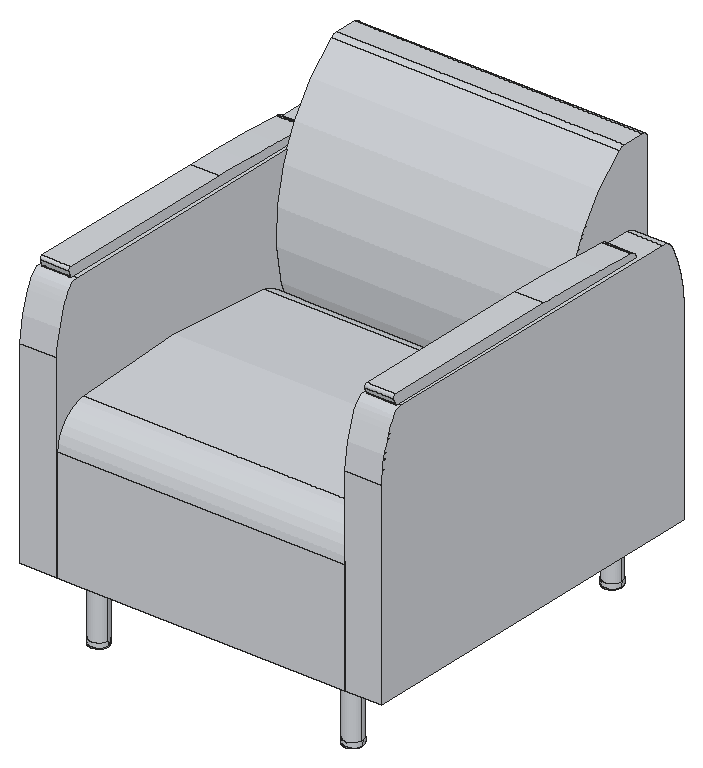
Revit family "Seat-LaZBoy-Assymble_Lounge_Seating-AS12A", category Furniture, Revit 2017
Family settings
  OmniClass Number = 23.40.20.00
  OmniClass Title = General Furniture and Specialties
  Work Plane-Based = No
  Always vertical = Yes
  Cut with Voids When Loaded = No
  Shared = No
  Room Calculation Point = No
Parameters (values of type "Solid Surface Arms Caps")
  Width = 29.50"  # constant formula
  URL = "https://www.la-z-boy.com/"
  Seat Material [instance] = none
  Product Documentation Link = "URL"
  Model = "AS12AJ"
  Manufacturer = "LaZBoy"
  Height = 32.75"  # constant formula
  Description = "Single Seat Lounge Chair with Solid Surface Arms Caps"
  Depth = 30.75"
  Copyright © = "Inc"
  Back Material [instance] = none
  Assembly Code = "E2020200"
  Armcap Material [instance] = none
  Arm Material [instance] = none
Types (4): name | Model | Description
  Upholstered Arms | "AS12AF" | "Single Seat Lounge Chair with Upholstered Arms"
  Urethane Arms Caps | "AS12AU" | "Single Seat Lounge Chair with Urethane Arms Caps"
  Wood Arms Caps | "AS12AW" | "Single Seat Lounge Chair with Wood Arms Caps"
  Solid Surface Arms Caps | "AS12AJ" | "Single Seat Lounge Chair with Solid Surface Arms Caps"
Reference planes (in)
  plane 1 "Center (Front/Back)": y = 0
  plane 2: z = 0
  plane 3 "Center (Left/Right)": x = 0
  plane 4: y = -15.375
  plane 5: z = 32.75
  plane 6: y = 15.375
  plane 7: x = -14.75
  plane 8: x = 14.75
  plane 9: z = 5.39888
  plane 10: x = -11.75
  plane 11: x = 11.75
  plane 12: x = -10.36938
Forms (in)
  Extrusion 1, solid, material <- "Back Material"
    sketch origin (0, 0, 0) x (0, 1, 0) y (0, 0, 1)
      loop
        line (15.375, 5.39888) -> (15.375, 32.4)
        arc (15.375, 32.4) -> (15.27249, 32.64749) -> (15.025, 32.75) r 0.35
        line (15.025, 32.75) -> (13.18257, 32.75)
        arc (13.18257, 32.75) -> (12.88654, 32.70048) -> (12.62275, 32.55731) r 0.90955
        arc (12.62275, 32.55731) -> (7.27087, 24.12175) -> (8.46181, 14.20293) r 14.8761
        arc (8.46181, 14.20293) -> (10.29749, 9.8942) -> (11.61161, 5.39888) r 39.59734
        line (11.61161, 5.39888) -> (15.375, 5.39888)
    from -11.75 to 11.75
  Extrusion 2, solid, material <- "Seat Material"
    sketch origin (0, 0, 0) x (0, 1, 0) y (0, 0, 1)
      loop
        line (-15.375, 5.39888) -> (11.61161, 5.39888)
        arc (11.61161, 5.39888) -> (9.9596, 10.8034) -> (7.55503, 15.9177) r 39.59734
        arc (7.55503, 15.9177) -> (6.71811, 16.83642) -> (5.56221, 17.29288) r 2.75
        arc (5.56221, 17.29288) -> (-3.58084, 18.03171) -> (-12.7401, 17.53243) r 67.9538
        arc (-12.7401, 17.53243) -> (-14.6217, 16.54278) -> (-15.375, 14.55473) r 3
        line (-15.375, 14.55473) -> (-15.375, 5.39888)
    from -11.75 to 11.75
  Extrusion 3, solid
    sketch origin (0, 0, 0) x (1, 0, 0) y (0, 1, 0)
      loop
        circle (-10.36938, 13.59321) r 0.75
      loop
        circle (10.36938, 13.59321) r 0.75
      loop
        circle (-10.36938, -12.84321) r 0.75
      loop
        circle (10.36938, -12.84321) r 0.75
    from 0 to 5.39888
  Revolve 4, solid
    sketch origin (24, -12.84321, 0) x (1, 0, 0) y (0, 0, 1)
      loop
        line (-34.36938, 0) -> (-33.63039, 0)
        arc (-33.63039, 0) -> (-33.59459, 0.01483) -> (-33.57976, 0.05064) r 0.05064
        line (-33.57976, 0.05064) -> (-33.57976, 0.40859) -> (-34.36938, 0.40859) -> (-34.36938, 0)
      axis (-34.36938, 0.40859) -> (-34.36938, 0)
    angle from 0 to 360
  Revolve 5, solid
    sketch origin (-1.25, 13.59321, 0) x (1, 0, 0) y (0, 0, 1)
      loop
        line (-9.11938, 0) -> (-8.38039, 0)
        arc (-8.38039, 0) -> (-8.34459, 0.01483) -> (-8.32976, 0.05064) r 0.05064
        line (-8.32976, 0.05064) -> (-8.32976, 0.40859) -> (-9.11938, 0.40859) -> (-9.11938, 0)
      axis (-9.11938, 0.40859) -> (-9.11938, 0)
    angle from 0 to 360
  Revolve 6, solid
    sketch origin (-24, -12.84321, 0) x (-1, 0, 0) y (0, 0, -1)
      loop
        line (-34.36938, 0) -> (-34.36938, -0.40859) -> (-33.57976, -0.40859) -> (-33.57976, -0.05064)
        arc (-33.57976, -0.05064) -> (-33.59459, -0.01483) -> (-33.63039, 0) r 0.05064
        line (-33.63039, 0) -> (-34.36938, 0)
      axis (-34.36938, -0.40859) -> (-34.36938, 0)
    angle from 0 to 360
  Revolve 7, solid
    sketch origin (1.25, 13.59321, 0) x (-1, 0, 0) y (0, 0, -1)
      loop
        line (-9.11938, 0) -> (-9.11938, -0.40859) -> (-8.32976, -0.40859) -> (-8.32976, -0.05064)
        arc (-8.32976, -0.05064) -> (-8.34459, -0.01483) -> (-8.38039, 0) r 0.05064
        line (-8.38039, 0) -> (-9.11938, 0)
      axis (-9.11938, -0.40859) -> (-9.11938, 0)
    angle from 0 to 360
Lines and regions (in)
  Masking region 1
    outline origin (0, 0, 0) x (1, 0, 0) y (0, 1, 0)
      loop
        line (-11.75, 15.375) -> (-11.75, -15.375) -> (11.75, -15.375) -> (11.75, 15.375) -> (-11.75, 15.375)
  symbolic lines, detail levels fine
    curve 1: line (11.75, 11.61161, 0) -> (-11.75, 11.61161, 0)
  symbolic lines, detail levels medium+fine
    curve 2: line (-11.75, 6.90274, 0) -> (11.75, 6.90274, 0)
Dimensions and locks (in)
  equal spacing: plane 6, plane 1 "Center (Front/Back)", plane 4
  equal spacing: plane 7, plane 3 "Center (Left/Right)", plane 8
  "Width": plane 7 to plane 8
  "Depth": plane 4 to plane 6
  "Height": plane 5 to plane 2
  plane 6 to Extrusion 3 sketch curve = 1.78179"
  locked: plane 7 to Extrusion 3 sketch curve at 4.38062
  locked: plane 9 to plane 2 at 5.39888
  locked: plane 7 to plane 10 at 3
  locked: plane 11 to plane 8 at 3
  aligned and locked: level to plane 2
  aligned and locked: plane 3 "Center (Left/Right)" to nested 1
  aligned and locked: plane 1 "Center (Front/Back)" to nested 1
  aligned and locked: plane 6 to Extrusion 1 sketch curve
  aligned and locked: plane 9 to Extrusion 3
  aligned and locked: nested 2 to plane 7
  aligned and locked: plane 6 to nested 2
  aligned and locked: nested 3 to plane 8
  aligned and locked: plane 10 to Extrusion 1
  aligned and locked: plane 10 to Extrusion 2
  aligned and locked: Extrusion 1 to plane 11
  aligned and locked: Extrusion 2 to plane 11
  aligned and locked: Masking region 1 sketch curve to plane 11
  aligned and locked: Masking region 1 sketch curve to plane 6
  aligned and locked: Masking region 1 sketch curve to plane 10
  aligned and locked: Masking region 1 sketch curve to plane 4
  aligned and locked: curve 1 to Extrusion 2
Automatic sketch dimensions
  curve 1 to plane 10 = 0.00"
  curve 2 to plane 10 = 0.00"
  curve 2 to plane 11 = 0.00"
  curve 1 to plane 11 = 0.00"
  curve 2 to curve 1 = 4.70887"
  Extrusion 1 sketch curve to plane 9 = 0.00"
  Extrusion 1 sketch curve to plane 5 = 0.00"
  Extrusion 1 sketch curve to plane 5 = 0.35"
  Extrusion 1 sketch curve to Extrusion 1 sketch curve = 1.84243"
  Extrusion 1 sketch curve to plane 6 = 3.76339"
  Extrusion 1 sketch curve to level = 3.44449"
  plane 4 to Extrusion 1 sketch curve = 11.61059"
  plane 6 to Extrusion 1 sketch curve = 6.40384"
  Extrusion 1 sketch curve to plane 5 = 11.91722"
  Extrusion 1 sketch curve to plane 5 = 0.90955"
  Extrusion 1 sketch curve to Extrusion 1 sketch curve = 0.00"
  Extrusion 2 sketch curve to plane 4 = 0.00"
  Extrusion 2 sketch curve to plane 9 = 0.00"
  Extrusion 2 sketch curve to level = 3.44449"
  plane 4 to Extrusion 2 sketch curve = 11.61059"
  Extrusion 2 sketch curve to Extrusion 2 sketch curve = 3.00"
  plane 1 "Center (Front/Back)" to Extrusion 2 sketch curve = 4.47018"
  Extrusion 2 sketch curve to plane 1 "Center (Front/Back)" = 5.15622"
  Extrusion 2 sketch curve to plane 6 = 3.76339"
  Extrusion 2 sketch curve to level = 49.91627"
  Extrusion 2 sketch curve to Extrusion 2 sketch curve = 9.15585"
  plane 9 to Extrusion 2 sketch curve = 9.17414"
  Extrusion 2 sketch curve to Extrusion 2 sketch curve = 0.00"  (x2)
  Extrusion 3 sketch curve to plane 12 = 0.00"
  Extrusion 3 sketch curve to plane 11 = 1.38062"  (x2)
  Extrusion 3 sketch curve to plane 6 = 1.78179"
  Extrusion 3 sketch curve to plane 4 = 2.53179"  (x2)
  Revolve 4 sketch curve to plane 12 = 0.00"  (x2)
  Revolve 4 sketch curve to level = 0.00"
  plane 12 to Revolve 4 sketch curve = 0.73899"
  level to Revolve 4 sketch curve = 0.05064"
  Revolve 4 sketch curve to Revolve 4 sketch curve = 0.35795"
  Revolve 4 sketch curve to level = 0.50"
  Revolve 4 sketch curve to Revolve 4 sketch curve = 1.34141"
  Revolve 5 sketch curve to plane 12 = 0.00"  (x2)
  Revolve 5 sketch curve to level = 0.00"
  plane 12 to Revolve 5 sketch curve = 0.73899"
  level to Revolve 5 sketch curve = 0.05064"
  Revolve 5 sketch curve to Revolve 5 sketch curve = 0.35795"
  Revolve 5 sketch curve to level = 0.50"
  Revolve 5 sketch curve to Revolve 5 sketch curve = 1.34141"
  Revolve 6 sketch curve to level = 0.00"
  Revolve 6 sketch curve to plane 11 = 1.38062"
  Revolve 6 sketch curve to Revolve 6 sketch curve = 0.73899"
  level to Revolve 6 sketch curve = 0.05064"
  level to Revolve 6 sketch curve = 0.40859"
  Revolve 6 sketch curve to Revolve 6 sketch curve = 0.00"
  Revolve 6 sketch curve to Revolve 6 sketch curve = 1.34141"
  Revolve 6 sketch curve to level = 0.50"
  Revolve 7 sketch curve to level = 0.00"
  Revolve 7 sketch curve to plane 11 = 1.38062"
  Revolve 7 sketch curve to Revolve 7 sketch curve = 0.73899"
  level to Revolve 7 sketch curve = 0.05064"
  level to Revolve 7 sketch curve = 0.40859"
  Revolve 7 sketch curve to Revolve 7 sketch curve = 0.00"
  Revolve 7 sketch curve to Revolve 7 sketch curve = 1.34141"
  Revolve 7 sketch curve to level = 0.50"
  radius of Extrusion 3 sketch curve = 0.75"  (x4)
Nested families (in)
  nested 1: "Label 1-16" at (0, 0, 0), type "Center", detail levels fine
    with Offset (LR) 0.00"
  nested 2: "Leg-Assymble-AS" at (-13.25, -0.42331, 0), type "Standard"
    with With Armcap yes
  nested 3: "Leg-Assymble-AS" at (13.25, -0.42331, 0) x (-1, 0, 0) z (0, 0, 1), type "Standard"
    with With Armcap yes
Definition of nested family "Leg-Assymble-AS"
  Parameters (values of type "Standard")
    With Armcap [instance] = yes
    URL = ""
    On Legs = yes
    Model = ""
    Manufacturer = ""
    Description = ""
    Depth = 30.75"
    Assembly Code = "E2020200"
    Armcap Material = none
    Arm Material = none
  Reference planes (in)
    plane 1 "Center (Front/Back)": y = 0.42331
    plane 2: z = 0
    plane 3 "Center (Left/Right)": x = 0
    plane 4: y = -14.95169
    plane 5: y = 15.79831
    plane 6 "Top": z = 26.39888
    plane 7: z = 5.39888
    plane 8: x = -1.5
    plane 9: x = 1.5
    plane 10: z = 27.20597
  Forms (in)
    Extrusion 1, solid, material <- "Arm Material"
      sketch origin (0, 0, 0) x (0, 1, 0) y (0, 0, 1)
        loop
          line (-14.95169, 5.39888) -> (15.79831, 5.39888) -> (15.79831, 21.43599)
          spline (15.79831, 21.43599) -> (15.76797, 22.12079) -> (15.68527, 22.75327) -> (15.5627, 23.33665) -> (15.41272, 23.87418) -> (15.24784, 24.36908) -> (15.08052, 24.8246) -> (14.92237, 25.24351) -> (14.76729, 25.61955) -> (14.59281, 25.93806) -> (14.37586, 26.1841) -> (14.09335, 26.34269) -> (13.7222, 26.39888)
          line (13.7222, 26.39888) -> (-12.87557, 26.39888)
          spline (-12.87557, 26.39888) -> (-13.24672, 26.34269) -> (-13.52924, 26.1841) -> (-13.74619, 25.93806) -> (-13.92066, 25.61955) -> (-14.07574, 25.24351) -> (-14.23389, 24.8246) -> (-14.40121, 24.36908) -> (-14.5661, 23.87418) -> (-14.71607, 23.33665) -> (-14.83865, 22.75327) -> (-14.92135, 22.12079) -> (-14.95169, 21.43599)
          line (-14.95169, 21.43599) -> (-14.95169, 5.39888)
      from -1.5 to 1.5
    Extrusion 2, solid, material <- "Armcap Material", visible <- "With Armcap"
      sketch origin (0, 0, 0) x (0, 1, 0) y (0, 0, 1)
        loop
          line (-13.01699, 26.39888) -> (11.3584, 26.39888)
          arc (11.3584, 26.39888) -> (11.2289, 26.74416) -> (10.89493, 26.90053) r 0.48849
          line (10.89493, 26.90053) -> (10.8547, 26.90258)
          spline (10.8547, 26.90258) -> (9.81368, 26.95548) -> (8.97711, 26.99748) -> (8.27856, 27.03149) -> (7.65189, 27.06036) -> (7.04399, 27.08607) -> (6.41901, 27.10935) -> (5.74229, 27.13088) -> (4.97919, 27.15133) -> (4.10521, 27.17117) -> (3.20988, 27.18881) -> (2.45429, 27.20138) -> (2.00065, 27.20597)
          line (2.00065, 27.20597) -> (-13.10453, 27.20597)
          arc (-13.10453, 27.20597) -> (-13.26936, 27.11925) -> (-13.29125, 26.9343) r 0.2
          line (-13.29125, 26.9343) -> (-13.11035, 26.46304)
          arc (-13.11035, 26.46304) -> (-13.07363, 26.41646) -> (-13.01699, 26.39888) r 0.1
      from -1.18 to 1.18
  Lines and regions (in)
    Masking region 1
      outline origin (0, 0, 0) x (1, 0, 0) y (0, 1, 0)
        loop
          line (-1.5, 15.79831) -> (-1.5, -14.95169) -> (1.5, -14.95169) -> (1.5, 15.79831) -> (-1.5, 15.79831)
    symbolic lines, visible <- "With Armcap"
      curve 1: line (-1.18, 11.3584, 0) -> (-1.18, -13.30453, 0)
      curve 2: line (1.18, -13.30453, 0) -> (1.18, 11.3584, 0)
      curve 3: arc (-1.18, -13.30453, 0) -> (0, -13.34619, 0) -> (1.18, -13.30453, 0) r 16.73286
    symbolic lines
      curve 4: arc (-1.18, 11.3584, 0) -> (0, 11.42098, 0) -> (1.18, 11.3584, 0) r 11.15659
  Dimensions and locks (in)
    plane 6 "Top" to plane 7 to plane 2 = 21.00" locked, 5.39888" locked
    equal spacing: plane 4, plane 1 "Center (Front/Back)", plane 5
    "Depth": plane 4 to plane 5
    equal spacing: plane 8, plane 3 "Center (Left/Right)", plane 9
    plane 8 to plane 3 "Center (Left/Right)" = 1.50"
    locked: plane 10 to plane 6 "Top" at 0.80709
    equal spacing: Extrusion 2, plane 3 "Center (Left/Right)", Extrusion 2
    locked: Extrusion 2 sketch curve to plane 4 at 1.84715
    aligned and locked: level to plane 2
    aligned and locked: plane 7 to Extrusion 1 sketch curve
    aligned and locked: plane 5 to Extrusion 1 sketch curve
    aligned and locked: plane 4 to Extrusion 1 sketch curve
    aligned and locked: plane 6 "Top" to Extrusion 1 sketch curve
    aligned and locked: plane 8 to Extrusion 1
    aligned and locked: plane 9 to Extrusion 1
    aligned and locked: plane 6 "Top" to Extrusion 2 sketch curve
    aligned and locked: Masking region 1 sketch curve to plane 4
    aligned and locked: Masking region 1 sketch curve to plane 5
    aligned and locked: Masking region 1 sketch curve to plane 8
    aligned and locked: Masking region 1 sketch curve to plane 9
    aligned and locked: Extrusion 2 to curve 1
    aligned and locked: curve 2 to Extrusion 2
  Automatic sketch dimensions
    Extrusion 1 sketch curve to plane 5 = 2.07612"
    plane 6 "Top" to Extrusion 1 sketch curve = 4.96288"  (x2)
    Extrusion 1 sketch curve to plane 4 = 2.07612"
    curve 3 to plane 3 "Center (Left/Right)" = 0.00"
    curve 1 to plane 4 = 1.64715"
    plane 1 "Center (Front/Back)" to curve 4 = 0.15892"
    curve 3 to plane 1 "Center (Front/Back)" = 2.96335"
    curve 1 to plane 5 = 4.43991"
    curve 1 to curve 2 = 0.00"
    plane 10 to Extrusion 2 sketch curve = 0.00"
    Extrusion 2 sketch curve to plane 6 "Top" = 0.06416"
    Extrusion 2 sketch curve to Extrusion 2 sketch curve = 0.00582"
    plane 10 to Extrusion 2 sketch curve = 0.27167"
    Extrusion 2 sketch curve to Extrusion 2 sketch curve = 0.18672"
    Extrusion 2 sketch curve to Extrusion 2 sketch curve = 0.09336"
    Extrusion 2 sketch curve to plane 1 "Center (Front/Back)" = 1.57734"
    plane 10 to Extrusion 2 sketch curve = 0.30339"
    Extrusion 2 sketch curve to plane 5 = 4.94361"
    Extrusion 2 sketch curve to plane 6 "Top" = 0.01379"
    Extrusion 2 sketch curve to Extrusion 2 sketch curve = 0.0154"
    plane 10 to Extrusion 2 sketch curve = 0.30544"
    Extrusion 2 sketch curve to Extrusion 2 sketch curve = 0.04023"
Definition of nested family "Label 1-16"
  Parameters (values of type "Center")
    P_Width = 0.00"
    Text_Width = "Empty"
    Text_Height = "Empty"
    Text_Diameter = "Empty"
    Text_Depth = "Empty"
    Offset (LR) [instance] = 0.00"
    Model Name = "6961"
    P_Height = 0.00"
    Distance of Center (not Change) = 0.00"
    P_Diameter = 0.00"
    P_Depth = 0.00"
  Reference planes (in)
    plane 1: y = 0
    plane 2: x = 0
  Lines and regions (in)
    reference lines
      curve 1: line (-0.44359, 0, 0) -> (0.41085, 0, 0)
      curve 3: line (0, 0.32564, 0) -> (0, -0.40221, 0)
    reference lines, not visible
      curve 2: line (-0.44359, 0.09843, 0) -> (0.41085, 0.09843, 0)
      curve 4: line (0, 0.42407, 0) -> (0, -0.30379, 0)
  Text (in)
    label "Empty" at (0.00197, -0.0079, 0), shows "Model Name"
    label "Empty" at (0.00197, 0.09052, 0), shows "Model Name", not visible
  Dimensions and locks (in)
    "Distance of Center (not Change)": plane 1 to curve 1
    "Offset (LR)": curve 3 to plane 2
  Automatic sketch dimensions
    curve 1 to curve 3 = 0.44359"
    curve 3 to curve 1 = 0.41085"
    curve 3 to curve 1 = 0.40221"
    curve 1 to curve 3 = 0.32564"
    curve 2 to curve 4 = 0.44359"
    curve 4 to curve 2 = 0.41085"
    curve 4 to curve 2 = 0.40221"
    curve 2 to curve 4 = 0.32564"
